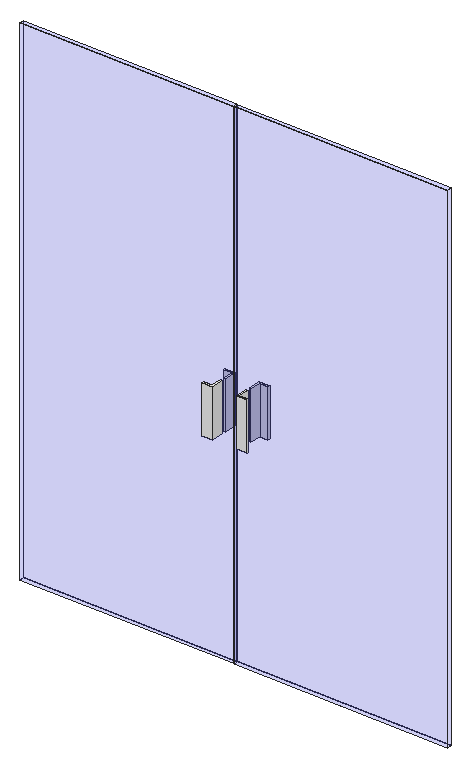
Revit family
Parameters
  간격띄우기 = 50 mm
  유리 재료 = 유리
Reference planes
  plane 1 "중심(앞/뒤": y = 0
  plane 2: z = 0
  plane 3 "중심(왼쪽/오른쪽)": x = 82.523
  plane 4 "왼쪽": x = -831.877
  plane 5 "오른쪽": x = 996.923
  plane 6 "상단": z = 2133.6
  plane 7: z = 1066.8
  plane 8: y = 50
  plane 9: z = 863.6
  plane 10: z = 1066.8
Forms (mm)
  Extrusion 1, solid, material "유리" <- "유리 재료"
    sketch origin (0, 0, 0) x (1, 0, 0) y (0, 0, 1)
      loop
        line (996.923, 2133.6) -> (84.111, 2133.6) -> (84.111, 0) -> (996.923, 0) -> (996.923, 2133.6)
    from -50 to -30.95
  Extrusion 2, solid, material "유리" <- "유리 재료"
    sketch origin (0, 0, 0) x (1, 0, 0) y (0, 0, 1)
      loop
        line (-831.877, 2133.6) -> (-831.877, 0) -> (80.936, 0) -> (80.936, 2133.6) -> (-831.877, 2133.6)
    from -50 to -30.95
  Extrusion 3, solid, material "금속 - 알루미늄"
    sketch origin (0, 0, 0) x (1, 0, 0) y (0, 1, 0)
      loop
        line (31.723, 50) -> (31.723, 100.8) -> (-12.727, 100.8) -> (-12.727, 94.45) -> (25.373, 94.45) -> (25.373, 50) -> (31.723, 50)
      loop
        line (133.323, 50) -> (139.673, 50) -> (139.673, 94.45) -> (177.773, 94.45) -> (177.773, 100.8) -> (133.323, 100.8) -> (133.323, 50)
      loop
        line (31.723, 30.95) -> (25.373, 30.95) -> (25.373, -13.5) -> (-12.727, -13.5) -> (-12.727, -19.85) -> (31.723, -19.85) -> (31.723, 30.95)
      loop
        line (133.323, 30.95) -> (133.323, -19.85) -> (177.773, -19.85) -> (177.773, -13.5) -> (139.673, -13.5) -> (139.673, 30.95) -> (133.323, 30.95)
    from 863.6 to 1066.8
Lines and regions (mm)
  symbolic lines, style "DoorsPanelProjection"
    curve 1: line (-831.877, 50, 0) -> (-831.877, 964.4, 0)
    curve 2: line (996.923, 50, 0) -> (996.923, 964.4, 0)
  symbolic lines, style "평면 스윙"
    curve 3: arc (-831.877, 964.4, 0) -> (-185.298, 696.578, 0) -> (82.523, 50, 0) r 914.4
    curve 4: arc (996.923, 964.4, 0) -> (350.345, 696.578, 0) -> (82.523, 50, 0) r 914.4
  symbolic lines, style "입면도 스윙"
    curve 5: line (84.111, 0, 2133.6) -> (996.923, 0, 1066.8)
    curve 6: line (996.923, 0, 1066.8) -> (82.523, 0, -1.855)
    curve 7: line (82.523, 0, -1.855) -> (-831.877, 0, 1066.8)
    curve 8: line (-831.877, 0, 1066.8) -> (80.936, 0, 2133.6)
Text (mm)
  text "외부" at (-790.651, 1092.624, 0), in view "기준선"
Dimensions and locks
  equal spacing: plane 4 "왼쪽", plane 3 "중심(왼쪽/오른쪽)", plane 5 "오른쪽"
  equal spacing: plane 2, plane 7, plane 6 "상단"
  locked: Extrusion 1 sketch curve to plane 3 "중심(왼쪽/오른쪽)" at 1.587
  "간격띄우기": plane 1 "중심(앞/뒤" to plane 8
  locked: Extrusion 1 to plane 8 at 19.05
  locked: plane 3 "중심(왼쪽/오른쪽)" to Extrusion 2 sketch curve at 1.588
  locked: Extrusion 2 to plane 8 at 19.05
  plane 2 to plane 9 = 863.6 mm
  locked: plane 9 to plane 10 at 203.2
  Extrusion 3 sketch curve to Extrusion 3 sketch curve to plane 8 = 6.35 mm locked, 44.45 mm locked
  plane 8 to Extrusion 3 sketch curve to Extrusion 3 sketch curve = 44.45 mm locked, 6.35 mm locked
  Extrusion 3 sketch curve to Extrusion 3 sketch curve to Extrusion 1 = 6.35 mm locked, 44.45 mm locked
  Extrusion 2 to Extrusion 3 sketch curve to Extrusion 3 sketch curve = 44.45 mm locked, 6.35 mm locked
  aligned and locked: Extrusion 1 sketch curve to plane 5 "오른쪽"
  aligned and locked: Extrusion 1 sketch curve to plane 6 "상단"
  aligned and locked: Extrusion 1 sketch curve to level
  aligned and locked: Extrusion 1 to plane 8
  aligned and locked: level to Extrusion 2 sketch curve
  aligned and locked: Extrusion 2 sketch curve to plane 4 "왼쪽"
  aligned and locked: plane 6 "상단" to Extrusion 2 sketch curve
  aligned and locked: Extrusion 1 to Extrusion 2
  aligned and locked: Extrusion 2 to curve 1
  aligned and locked: curve 1 to Extrusion 2
  aligned and locked: curve 2 to Extrusion 1
  aligned and locked: Extrusion 1 to curve 2
  aligned and locked: plane 10 to Extrusion 3
  aligned and locked: plane 9 to Extrusion 3
  aligned and locked: plane 8 to Extrusion 3 sketch curve
  aligned and locked: Extrusion 3 sketch curve to plane 8
  aligned and locked: Extrusion 3 sketch curve to Extrusion 3 sketch curve
  aligned and locked: Extrusion 3 sketch curve to Extrusion 1
Automatic sketch dimensions
  curve 3 to plane 3 "중심(왼쪽/오른쪽)" = 0 mm
  curve 4 to plane 3 "중심(왼쪽/오른쪽)" = 0 mm
  curve 4 to plane 8 = 0 mm
  curve 8 to plane 6 "상단" = 0 mm
  curve 5 to plane 6 "상단" = 0 mm
  curve 6 to plane 5 "오른쪽" = 0 mm
  curve 6 to plane 7 = 0 mm
  curve 8 to plane 4 "왼쪽" = 0 mm
  curve 8 to plane 7 = 0 mm
  curve 7 to plane 3 "중심(왼쪽/오른쪽)" = 0 mm
  curve 7 to level = 1.855 mm
  curve 8 to plane 3 "중심(왼쪽/오른쪽)" = 1.588 mm
  plane 3 "중심(왼쪽/오른쪽)" to curve 5 = 1.587 mm
  Extrusion 3 sketch curve to plane 3 "중심(왼쪽/오른쪽)" = 95.25 mm  (x2)
  Extrusion 3 sketch curve to Extrusion 3 sketch curve = 38.1 mm  (x3)
  Extrusion 3 sketch curve to Extrusion 3 sketch curve = 0 mm
  Extrusion 3 sketch curve to Extrusion 3 sketch curve = 6.35 mm  (x4)
  plane 3 "중심(왼쪽/오른쪽)" to Extrusion 3 sketch curve = 50.8 mm  (x2)
